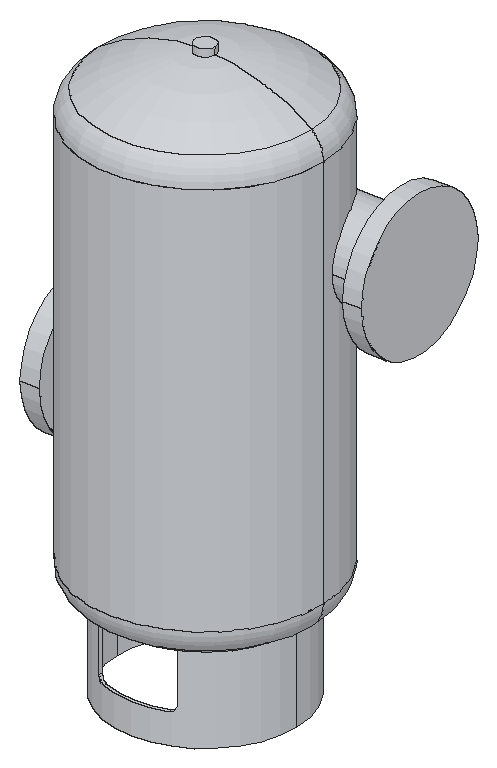
Revit family
Parameters (values of type "6-AS-L 125# W.P.")
  Weight = "200 lbs"
  Top to Inlet = 12.500"
  Top Connection Radius = 0.375"
  Top Connection Diameter = Top Connection Radius * 2  # 0.750"
  Tank Height = 43.250"
  Tangential = yes
  Tank Height Less Stand = 39.000"
  Tank Diameter = 18.000"
  Pipe Location off CL = 4.188"
  Outlet Pipe Flange Conn. Radius = Outlet Pipe Flange Conn / 2  # 3.000"
  Outlet Pipe Flange Conn = 6.000"
  Nipple Connection Radius = 2.000"
  Model = "6\"-AS-L"
  Pressure Drop = ".55"
  Max Operating Temp = "350 DEG F"
  Max Operating Pressure = "125 PSI"
  Manufacturer = "Amtrol"
  Inlet CL to Outlet CL = 14.000"
  Inlet Pipe Flange Conn = 6.000"
  Inlet Pipe Flange Conn. Radius = Inlet Pipe Flange Conn / 2  # 3.000"
  Flow (GPM) = "540"
  Flange to Flange Height = 26.000"
  CL to Outlet Flange = 13.000"
  Bottom Connection Radius = Bottom Connection Diameter / 2  # 0.375"
  Bottom Connection Diameter = 0.750"
  ASME = yes
Types (5): name | Max Operating Pressure
  (no name) | "125 PSI"
  6-AS-L 125# W.P. | "125 PSI"
  6-AS-L 150# W.P. 10 BAR | "150 PSI"
  6-AS-L 175# W.P. | "175 PSI"
  6-AS-L 250# W.P. | "250 PSI"
Reference planes (in)
  plane 1 "Center (Front/Back)": y = 0
  plane 2: z = 0
  plane 3 "Center (Left/Right)": x = 0
Forms (in)
  Revolve 1, solid
    sketch origin (0, 0, 0) x (1, 0, 0) y (0, 0, 1)
      loop
        arc (0, 0.5) -> (4.25947, 1.17236) -> (8.08963, 3.15354) r 13.5
        arc (8.08963, 3.15354) -> (8.75711, 3.9444) -> (8.99997, 4.95038) r 2.25
        line (8.99997, 4.95038) -> (8.99997, 35.04512)
        arc (8.99997, 35.04512) -> (8.76301, 36.076) -> (8.08117, 36.88468) r 2.25
        arc (8.08117, 36.88468) -> (4.25163, 38.84445) -> (0, 39.5) r 13.5
        line (0, 39.5) -> (0, 0.5)
      axis (0, 0.5) -> (0, 39.5)
    angle from 0 to 360
  Extrusion 2, solid
    sketch origin (0, 0, 4.33383) x (0, 1, 0) y (0, 0, 1)
      loop
        circle (4.188, 22.63961) r 3.3125
    from 2.04863 to 11.52176
  Extrusion 3, solid
    sketch origin (0, 0, 8.25512) x (0, 1, 0) y (0, 0, 1)
      loop
        circle (4.188, 18.71832) r 5.5
    from 11.52176 to 12.937
  Extrusion 4, solid
    sketch origin (0, 0, 0.63219) x (0, 1, 0) y (0, 0, 1)
      loop
        circle (4.188, 12.34125) r 5.5
    from -11.52176 to -13
  Sweep 5, solid
    path origin (0.01332, 0, 16.29194) x (1, 0, 0) y (0, 0, 1)
      loop
        line (0, 23.1815) -> (0, 23.6875)
    profile origin (0.01332, 0, 39.72644) x (-1, 0, 0) y (0, -1, 0)
      loop
        circle (0, 0) r 0.75
  Sweep 6, solid
    path origin (0, 0, 0) x (1, 0, 0) y (0, 0, 1)
      loop
        line (0, 0) -> (0, 0.5538)
    profile origin (0, 0, 0.2769) x (-1, 0, 0) y (0, -1, 0)
      loop
        circle (0, 0) r 0.75
  Extrusion 7, solid
    sketch origin (0, 0, 0) x (1, 0, 0) y (0, 1, 0)
      loop
        circle (0, 0) r 7
      loop
        circle (0, 0) r 6.75
    from 2.75832 to -4.11838
  Extrusion 8, void
    sketch origin (0, 0, 0) x (1, 0, 0) y (0, 0, 1)
      loop
        line (-3, 2.75832) -> (-3, -1.28563)
        arc (-3, -1.28563) -> (-2.85355, -1.63919) -> (-2.5, -1.78563) r 0.5
        line (-2.5, -1.78563) -> (2.5, -1.78563)
        arc (2.5, -1.78563) -> (2.85355, -1.63919) -> (3, -1.28563) r 0.5
        line (3, -1.28563) -> (3, 2.75832) -> (-3, 2.75832)
    from 4.41095 to 9.57176
  Extrusion 9, solid
    sketch origin (0, 0, 0) x (0, 1, 0) y (0, 0, 1)
      loop
        circle (4.188, 12.97344) r 3.313
    from 0 to -11.52176
Cuts and joins
  Extrusion 8 cuts Sweep 6
  Extrusion 8 cuts Extrusion 7
Text (in)
  text "INLET" at (16.37004, 0, 24.72974), in view "Front"
  text "OUTLET" at (-25.37188, 0, 12.35504), in view "Front"
Dimensions and locks (in)
  "Pipe Location off CL": plane 1 "Center (Front/Back)" to Extrusion 2 sketch curve
  "Pipe Location off CL": Extrusion 4 sketch curve to plane 1 "Center (Front/Back)"
  "Pipe Location off CL": Extrusion 3 sketch curve to plane 1 "Center (Front/Back)"
  "CL to Outlet Flange": Extrusion 4 to plane 3 "Center (Left/Right)"
  "Top to Inlet": Sweep 5 to Extrusion 3 sketch curve
  "Top to Inlet": Sweep 5 to Extrusion 2 sketch curve
  Sweep 5 to Extrusion 4 sketch curve = 26.500"
  Revolve 1 sketch curve to Revolve 1 sketch curve = 8.99997"
  "Tank Height Less Stand": Revolve 1 sketch curve to Revolve 1 sketch curve
  locked: Revolve 1 sketch curve to level at 0.5
  "Pipe Location off CL": plane 1 "Center (Front/Back)" to Extrusion 9 sketch curve
  locked: Sweep 5 to Extrusion 9 sketch curve at 26.5
  radius of Revolve 1 sketch curve = 13.500"  (x2)
  radius of Revolve 1 sketch curve = 2.250"  (x2)
  aligned and locked: Extrusion 2 to Extrusion 3
  aligned and locked: plane 3 "Center (Left/Right)" to Revolve 1 sketch curve
Automatic sketch dimensions
  plane 3 "Center (Left/Right)" to Sweep 5 sketch curve = 0.01332"
  level to Sweep 5 sketch curve = 39.47344"
  Sweep 5 sketch curve to Sweep 5 sketch curve = 0.506"
  plane 1 "Center (Front/Back)" to Sweep 5 sketch curve = 0.000"
  Sweep 5 sketch curve to profile plane = 0.000"
  Sweep 6 sketch curve to plane 3 "Center (Left/Right)" = 0.000"
  Sweep 6 sketch curve to level = 0.000"
  level to Sweep 6 sketch curve = 0.5538"
  plane 1 "Center (Front/Back)" to Sweep 6 sketch curve = 0.000"
  Sweep 6 sketch curve to profile plane = 0.000"
  Extrusion 7 sketch curve to Extrusion 7 sketch curve = 0.000"  (x2)
  plane 1 "Center (Front/Back)" to Extrusion 7 sketch curve = 0.000"
  Extrusion 7 sketch curve to plane 3 "Center (Left/Right)" = 0.000"
  Extrusion 8 sketch curve to plane 3 "Center (Left/Right)" = 3.000"
  Extrusion 8 sketch curve to Extrusion 8 sketch curve = 0.500"  (x2)
  Extrusion 8 sketch curve to level = 1.28563"
  plane 3 "Center (Left/Right)" to Extrusion 8 sketch curve = 2.500"
  level to Extrusion 8 sketch curve = 2.75832"
  Revolve 1 sketch curve to plane 3 "Center (Left/Right)" = 0.000"
  plane 3 "Center (Left/Right)" to Revolve 1 sketch curve = 0.05183"
  plane 3 "Center (Left/Right)" to Revolve 1 sketch curve = 0.09487"
  Revolve 1 sketch curve to Revolve 1 sketch curve = 0.9188"
  Revolve 1 sketch curve to Revolve 1 sketch curve = 0.000"  (x2)
  Revolve 1 sketch curve to Revolve 1 sketch curve = 0.91034"
  Revolve 1 sketch curve to level = 1.78563"
  Revolve 1 sketch curve to Revolve 1 sketch curve = 14.74093"
  radius of Extrusion 2 sketch curve = 3.3125"
  radius of Extrusion 3 sketch curve = 5.500"
  radius of Extrusion 4 sketch curve = 5.500"
  radius of Sweep 5 sketch curve = 0.750"
  radius of Sweep 6 sketch curve = 0.750"
  radius of Extrusion 7 sketch curve = 7.000"
  radius of Extrusion 7 sketch curve = 6.750"
  radius of Extrusion 9 sketch curve = 3.313"
Connectors (in)
  piping at (0.01332, 0, 39.97944), driven by "Top Connection Radius"
    settings: on Sweep 5, index 3
  piping at (-13, 4.188, 12.97344), driven by "Outlet Pipe Flange Conn. Radius"
    settings: on Extrusion 4, index 4
  piping at (0, 0, 0), driven by "Bottom Connection Radius"
    settings: on Sweep 6, index 5
  piping at (12.937, 4.188, 26.97344), driven by "Inlet Pipe Flange Conn. Radius"
    settings: on Extrusion 3, index 6
